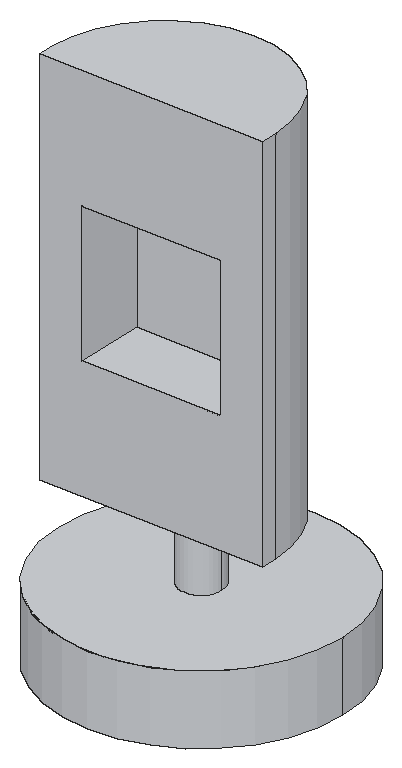
Revit family "Eden", category Lighting Fixtures, host Face, Revit 2015
Parameters (values of type "Eden/8.4W/700mA/927/Aluminium")
  Weight = 300  # constant formula
  built-in parameter 1150103 = 8.4 W
  Wattage = 8.4 W  # constant formula
  WarrantyStartDate [instance] = "www.johncullenlighting.co.uk/terms_and_conditions/"  # constant formula
  WarrantyGuarantorParts = "www.johncullenlighting.co.uk/terms_and_conditions/"  # constant formula
  WarrantyGuarantorLabor = "www.johncullenlighting.co.uk/terms_and_conditions/"  # constant formula
  WarrantyDurationUnit = "www.johncullenlighting.co.uk/terms_and_conditions/"  # constant formula
  WarrantyDurationParts = "www.johncullenlighting.co.uk/terms_and_conditions/"  # constant formula
  WarrantyDurationLabor = "www.johncullenlighting.co.uk/terms_and_conditions/"  # constant formula
  WarrantyDescription = "Refer to John Cullen Lighting Ltd - Terms and Conditions document"  # constant formula
  built-in parameter 1150110 = 1 (stored number, unit not read)
  Version = "1"
  Uniclass2 = "Pr_70_70_48_85 Surface luminaires"  # constant formula
  URL = "http://www.johncullenlighting.co.uk/products/featured-lighting-products/eden-wall-washer/?product_search=eden"
  Type Comments = "Copyright © John Cullen 2017. John Cullen reserve the right to change the design and specification of our product range without prior notice. E&OE"  # constant formula
  built-in parameter 1114217 = 1 (stored number, unit not read)
  Tilt Angle = 90.00°
  built-in parameter 1150109 = 1 (stored number, unit not read)
  built-in parameter 1150134 = (empty or 0)
  TagNumber [instance] = ""
  SustainabilityPerformance = ""
  built-in parameter 1150113 = 1 (stored number, unit not read)
  SupplyCircuitConductorConnections = "n/a"
  Size = "48x26x113"  # constant formula
  Shape = "Square"
  SerialNumber [instance] = "n/a"
  Revision = "n/a"
  ReplacementCost = "n/a"
  ProductInformation = "http://www.johncullenlighting.co.uk/products/featured-lighting-products/eden-wall-washer/?product_search=eden"
  PhotometricPerformance = "n/a"
  Photometric Web File = "Eden-700.IES"
  NominalWidth = 26 mm  # constant formula
  NominalLength = 48 mm  # constant formula
  NominalHeight = 113 mm  # constant formula
  Name = "Eden"  # constant formula
  NBSTypeID = "n/a"
  NBSReference = "n/a"
  NBSOfficeMasterTag = "n/a"
  NBSNote = "n/a"
  NBSDescription = "General purpose luminaires are described by characteristics such as standards, photometric performance and supply circuit conductor connections.\r\nAn example use may be within a hard wired general lighting system."  # constant formula
  NBSCertification = "n/a"
  ModelReference = "n/a"
  ModelNumber = "SLED27101"
  Model = "Eden"  # constant formula
  MaxAmbientTemperature = 37.00°  # constant formula
  Material = "Aluminum"
  ManufacturerURL = "www.johncullenlighting.co.uk"
  ManufacturerName = "John Cullen Lighting Ltd"  # constant formula
  Manufacturer = "John Cullen Lighting Ltd"  # constant formula
  built-in parameter 1150105 = 3920.5 (stored number, unit not read)
  Lumens = 563.64 lm
  LuminaireType = "n/a"
  LuminairePowerFactor = "n/a"
  LuminaireLumens = "564 lm"  # constant formula
  built-in parameter 1150115 = 1 (stored number, unit not read)
  built-in parameter 1150137 = (empty or 0)
  built-in parameter 1150139 = (empty or 0)
  LampType = "LED"  # constant formula
  LampRating = "n/a"
  LampLumens = "655 lm"  # constant formula
  LampColourTemperature = "2700K"  # constant formula
  LampColourRendering = "≥90 Ra"  # constant formula
  built-in parameter 1150112 = 1 (stored number, unit not read)
  built-in parameter 1150114 = 1 (stored number, unit not read)
  Keynote = "Technical data figures are for guidance only and are subject to ±5% tolerance"  # constant formula
  InternalFuse = "n/a"
  InsulationStandardClass = "Class III"  # constant formula
  InstallationDate [instance] = "Confirm via installer"  # constant formula
  built-in parameter 1150132 = (empty or 0)
  built-in parameter 1150102 = (empty or 0)
  built-in parameter 1150107 = 2700 (stored number, unit not read)
  built-in parameter 1150138 = (empty or 0)
  IngressProtection = "IP20"  # constant formula
  built-in parameter 1150106 = 39.205 (stored number, unit not read)
  IfcExportType = ""
  IfcExportAs = ""
  Grade = "n/a"
  ForwardVoltage = "12V DC"  # constant formula
  Finish = "Aluminium"
  Features = "n/a"
  ExpectedLife = "Lifetime L70/B10 >50,000 hrs"  # constant formula
  built-in parameter 1150104 = 6.2338 (stored number, unit not read)
  Efficacy = "67.1 lm/W"  # constant formula
  DurationUnit = "year"
  Dimming Lamp Color Temperature Shift = <None>
  Description = "Surface mounted directional floodlight"  # constant formula
  Default Elevation = 200 mm  # constant formula
  CurrentRating = "700mA"  # constant formula
  ControlGearPosition = "n/a"
  Constituents = "n/a"
  Color Filter = 16777215
  Color = "Aluminium"
  CodePerformance = "SLED27101"
  Category = "n/a"
  CableType = "2 Core Silicon"  # constant formula
  CableSize = "6.4mm OD - 2 off 24/0.2 Tinned Copper Wire"  # constant formula
  CableLength = 185 mm  # constant formula
  Beam Width = "Extra Wide"  # constant formula
  BarCode [instance] = "n/a"
  BallastCELMAEnergyEfficiencyIndex = "See driver specification"  # constant formula
  built-in parameter 1114218 = 1 (stored number, unit not read)
  BIMObjectName = "Eden"  # constant formula
  Author = "John Cullen Lighting Ltd"  # constant formula
  built-in parameter 1150133 = 10 (stored number, unit not read)
  AssetType = "n/a"
  AssetIdentifier [instance] = "n/a"
  Assembly Code = "n/a"
  AccessibilityPerformance = "n/a"
Types (3, lengths in mm): name | ModelNumber | Finish | Color | CodePerformance
  Eden/8.4W/700mA/927/Bronze | "SLED27061" | "Bronze" | "Bronze" | "SLED27061"
  Eden/8.4W/700mA/927/White | "SLED27011" | "White" | "White" | "SLED27011"
  Eden/8.4W/700mA/927/Aluminium | "SLED27101" | "Aluminium" | "Aluminium" | "SLED27101"
Reference planes
  plane 1 "Center (Front/Back)": y = 0
  plane 2: z = 0
  plane 3 "Center (Left/Right)": x = 0
Forms (mm)
  Extrusion 1, solid
    sketch origin (0, 0, 0) x (1, 0, 0) y (0, 1, 0)
      loop
        circle (0, 0) r 30.5
    from 0 to 15
  Extrusion 2, solid
    sketch origin (0, 0, 0) x (1, 0, 0) y (0, 1, 0)
      loop
        circle (0, 0) r 4.5
    from 15 to 32.3
  Extrusion 3, solid
    sketch origin (0, -13.5, -467.7) x (1, 0, 0) y (0, 1, 0)
      loop
        line (-24, 0) -> (24, 0) -> (24, 3.5)
        arc (24, 3.5) -> (16.971, 20.471) -> (0, 27.5) r 24
        arc (0, 27.5) -> (-16.971, 20.471) -> (-24, 3.5) r 24
        line (-24, 3.5) -> (-24, 0)
    from 500 to 582
  Extrusion 4, void
    sketch origin (0, -13.5, -467.7) x (1, 0, 0) y (0, 0, 1)
      loop
        line (-15, 556) -> (-15, 526) -> (15, 526) -> (15, 556) -> (-15, 556)
    from 0 to -14.9
Cuts and joins
  Extrusion 4 cuts Extrusion 3
Dimensions and locks
  aligned and locked: plane 2 to host face
  aligned and locked: level to host face
